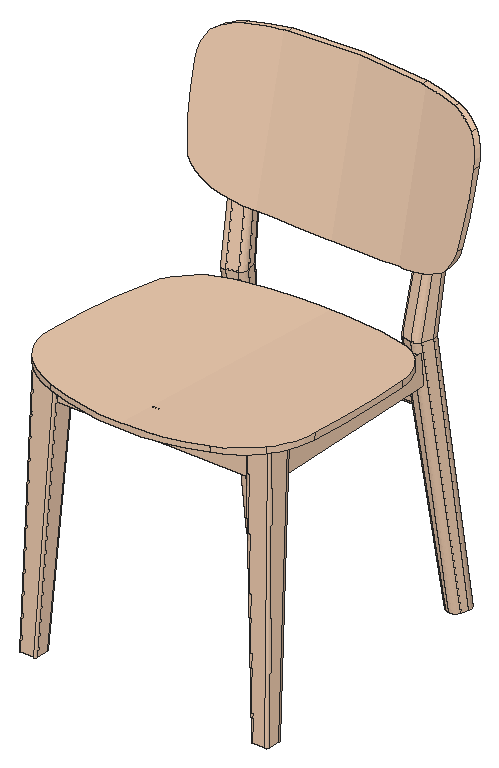
Revit family "FU_Chair_Sandler_Celina 1-12", category Furniture, Revit 2020
Family settings
  OmniClass Number = 23.40.20.00
  OmniClass Title = General Furniture and Specialties
  Work Plane-Based = No
  Always vertical = Yes
  Cut with Voids When Loaded = No
  Shared = No
  Room Calculation Point = No
Parameters (values of type "Celina 1.12")
  Width = 500 mm
  URL = "https://www.sandlerseating.com/product/celina-1-12/"
  Model = "Celina 1.12"
  Manufacturer = "Sandler"
  Height = 820 mm
  Frame = Wood - Beech - Walnut - V
  Description = "Side chair with wooden seat and back in solid beech."
  Depth = 550 mm
  Default Elevation = 0 mm
Reference planes
  plane 1 "Center (Front/Back)": y = 0
  plane 2: z = 0
  plane 3 "Center (Left/Right)": x = 0
  plane 4 "Right": x = -250
  plane 5 "Left": x = 250
  plane 6 "Back": y = 275
  plane 7 "Front": y = -275
  plane 8 "Height": z = 820
  plane 9 "Seat height": z = 460
  plane 10 "Right Arm": x = -325
  plane 11 "Left Arm": x = 325
  plane 12 "FL C FRONT": through (206.59, -1524, 5.36) normal (-0.9994, 0, -0.0359)
  plane 13 "BL C Front": through (-178.282, -1524, 5.132) normal (-0.9999, 0, 0.0103)
  plane 14 "FL C RIGHT": through (4267.2, -211.114, 5.562) normal (0, -0.9986, 0.0521)
  plane 15: through (4267.2, 255.502, 4.2) normal (0, -0.9887, -0.1501)
  plane 16: through (4267.2, 190.415, 493.994) normal (0, -0.984, 0.1783)
Forms (mm)
  Sweep 1, solid, material "Wood - Beech - Walnut - V" <- "Frame"
    path origin (0.119, 29.292, 439.708) x (0, 0.99863, -0.052336) y (1, 0, 0)
      loop
        line (-311.844, 0) -> (171.86, 0)
    profile "Pro_celina_Seat : Pro_celina_Seat" origin (0.119, -40.604, 443.371) x (1, 0, 0) y (0, -0.052336, -0.99863)
      loop
        arc (237.5, -12.54) -> (0, 0) -> (-237.5, -12.54) r 2255.339
        line (-237.5, -12.54) -> (-237.5, -22.54)
        arc (-237.5, -22.54) -> (0, -10) -> (237.5, -22.54) r 2255.339
        line (237.5, -22.54) -> (237.5, -12.54)
  Extrusion 2, void
    sketch origin (0.119, -20.296, 502.02) x (-1, 0, 0) y (0, -1, 0)
      loop
        line (248.521, -230.925) -> (248.521, 269.075) -> (-251.479, 269.075) -> (-251.479, -230.925) -> (248.521, -230.925)
      loop
        arc (141.879, 235.713) -> (0.119, 256.987) -> (-141.64, 235.713) r 482.927
        arc (-141.64, 235.713) -> (-177.703, 219.068) -> (-208.046, 193.437) r 148.11
        arc (-208.046, 193.437) -> (-229.338, 158.084) -> (-235.769, 117.318) r 107.689
        arc (-235.769, 117.318) -> (-233.624, 13.584) -> (-224.626, -89.781) r 1568.852
        arc (-224.626, -89.781) -> (-196.277, -154.472) -> (-136.874, -192.68) r 122.229
        arc (-136.874, -192.68) -> (0.119, -211.879) -> (137.113, -192.68) r 498.358
        arc (137.113, -192.68) -> (196.516, -154.472) -> (224.865, -89.781) r 122.229
        arc (224.865, -89.781) -> (233.862, 13.584) -> (236.008, 117.318) r 1568.852
        arc (236.008, 117.318) -> (229.577, 158.084) -> (208.285, 193.437) r 107.689
        arc (208.285, 193.437) -> (177.942, 219.068) -> (141.879, 235.713) r 148.11
    from -18.812 to -76.796
  Sweep 3, solid, material "Wood - Beech - Walnut - V" <- "Frame"
    path origin (0.119, 37.154, -270.249) x (0, 1, 0) y (0, 0, 1)
      loop
        line (154.569, 770) -> (234.758, 1108.042)
    profile "Pro_celina_Back : Pro_celina_Back" origin (0.119, 231.818, 668.772) x (0, -0.972998, 0.230812) y (1, 0, 0)
      loop
        arc (50.165, -250) -> (10, 0) -> (50.165, 250) r 798.119
        line (50.165, 250) -> (40.165, 250)
        arc (40.165, 250) -> (0, 0) -> (40.165, -250) r 798.125
        line (40.165, -250) -> (50.165, -250)
  Extrusion 4, void
    sketch origin (0.119, 39.342, -270.874) x (1, 0, 0) y (0, 0, 1)
      loop
        line (119.761, 1090) -> (-121.25, 1090)
        arc (-121.25, 1090) -> (-154.552, 1088.857) -> (-187.721, 1085.67) r 541.973
        arc (-187.721, 1085.67) -> (-211.489, 1079.491) -> (-232.923, 1067.503) r 96.341
        arc (-232.923, 1067.503) -> (-245.694, 1045.257) -> (-249.494, 1019.89) r 69.271
        arc (-249.494, 1019.89) -> (-247.861, 958.646) -> (-241.122, 897.751) r 733.414
        arc (-241.122, 897.751) -> (-232.137, 873.763) -> (-214.284, 855.393) r 62.504
        arc (-214.284, 855.393) -> (-182.775, 839.296) -> (-148.432, 830.784) r 154.624
        arc (-148.432, 830.784) -> (-5.305, 821.343) -> (137.883, 829.803) r 1149.301
        arc (137.883, 829.803) -> (177.655, 837.565) -> (214.045, 855.393) r 154.624
        arc (214.045, 855.393) -> (231.898, 873.763) -> (240.883, 897.751) r 62.504
        arc (240.883, 897.751) -> (247.622, 958.646) -> (249.256, 1019.89) r 733.414
        arc (249.256, 1019.89) -> (245.455, 1045.257) -> (232.684, 1067.503) r 69.271
        arc (232.684, 1067.503) -> (211.25, 1079.491) -> (187.482, 1085.67) r 96.341
        arc (187.482, 1085.67) -> (153.689, 1088.897) -> (119.761, 1090) r 541.59
      loop
        line (-260, 1133.116) -> (-260, 753.116) -> (260, 753.116) -> (260, 1133.116) -> (-260, 1133.116)
    from -246.089 to -88.141
  SweptBlend 5, solid, material "Wood - Beech - Walnut - V" <- "Frame"
    path origin (206.516, 0, 7.419) x (0.035902, 0, -0.999355) y (0, -1, 0)
      loop
        line (15.798, 211.845) -> (-453.563, 187.36)
    profile origin (207.083, -211.845, -8.369) x (0.00187, 0.998642, -0.052062) y (-0.999355, 0, -0.035902)
      loop
        arc (-14.979, -11.006) -> (-13.796, -13.848) -> (-10.949, -15.021) r 4.023
        line (-10.949, -15.021) -> (11.028, -14.979)
        arc (11.028, -14.979) -> (13.854, -13.803) -> (15.021, -10.972) r 4
        line (15.021, -10.972) -> (14.979, 11.028)
        arc (14.979, 11.028) -> (13.803, 13.854) -> (10.972, 15.021) r 4
        line (10.972, 15.021) -> (-11.028, 14.979)
        arc (-11.028, 14.979) -> (-13.854, 13.803) -> (-15.021, 10.972) r 4
        line (-15.021, 10.972) -> (-14.979, -11.006)
    end profile origin (190.232, -187.36, 460.69) x (0.00187, 0.998642, -0.052062) y (-0.999355, 0, -0.035902)
      loop
        arc (-21.966, -18.041) -> (-20.789, -20.867) -> (-17.959, -22.034) r 4
        line (-17.959, -22.034) -> (18.041, -21.966)
        arc (18.041, -21.966) -> (20.867, -20.789) -> (22.034, -17.959) r 4
        line (22.034, -17.959) -> (21.966, 18.041)
        arc (21.966, 18.041) -> (20.789, 20.867) -> (17.959, 22.034) r 4
        line (17.959, 22.034) -> (-18.041, 21.966)
        arc (-18.041, 21.966) -> (-20.867, 20.789) -> (-22.034, 17.959) r 4
        line (-22.034, 17.959) -> (-21.966, -18.041)
  SweptBlend 6, solid, material "Wood - Beech - Walnut - V" <- "Frame"
    path origin (-178.316, 0, 1.838) x (-0.010308, 0, -0.999947) y (0, -1, 0)
      loop
        line (10.63, -257.754) -> (-463.93, -185.692)
    profile origin (-178.425, 257.754, -8.791) x (0.001548, 0.988666, 0.150121) y (-0.999947, 0, 0.010308)
      loop
        line (16.945, 1.2) -> (15.071, 7.954)
        arc (15.071, 7.954) -> (9.652, 14.89) -> (0.916, 15.962) r 11.5
        line (0.916, 15.962) -> (-12.575, 12.22)
        arc (-12.575, 12.22) -> (-19.51, 6.801) -> (-20.583, -1.935) r 11.5
        line (-20.583, -1.935) -> (-18.712, -8.681)
        arc (-18.712, -8.681) -> (-13.292, -15.616) -> (-4.556, -16.688) r 11.5
        line (-4.556, -16.688) -> (8.943, -12.944)
        arc (8.943, -12.944) -> (15.873, -7.529) -> (16.945, 1.2) r 11.49
    end profile origin (-173.534, 185.692, 465.743) x (0.001548, 0.988666, 0.150121) y (-0.999947, 0, 0.010308)
      loop
        line (5.481, 10.089) -> (-14.232, 4.749)
        arc (-14.232, 4.749) -> (-20.595, -0.161) -> (-21.622, -8.131) r 10.5
        line (-21.622, -8.131) -> (-16.447, -27.235)
        arc (-16.447, -27.235) -> (-11.538, -33.597) -> (-3.567, -34.624) r 10.5
        line (-3.567, -34.624) -> (16.146, -29.284)
        arc (16.146, -29.284) -> (22.508, -24.375) -> (23.535, -16.404) r 10.5
        line (23.535, -16.404) -> (18.361, 2.699)
        arc (18.361, 2.699) -> (13.451, 9.061) -> (5.481, 10.089) r 10.5
  SweptBlend 7, solid, material "Wood - Beech - Walnut - V" <- "Frame"
    path origin (-178.316, 0, 1.838) x (-0.010308, 0, -0.999947) y (0, -1, 0)
      loop
        line (-447.138, -184.221) -> (-698.053, -229.684)
    profile origin (-173.707, 184.221, 448.952) x (-0.001838, 0.983979, -0.178274) y (-0.999947, 0, 0.010308)
      loop
        line (6.359, 10.097) -> (-14.247, 4.59)
        arc (-14.247, 4.59) -> (-20.626, -0.298) -> (-21.68, -8.265) r 10.5
        line (-21.68, -8.265) -> (-16.57, -27.386)
        arc (-16.57, -27.386) -> (-11.682, -33.765) -> (-3.715, -34.819) r 10.5
        line (-3.715, -34.819) -> (16.891, -29.312)
        arc (16.891, -29.312) -> (23.269, -24.424) -> (24.324, -16.457) r 10.5
        line (24.324, -16.457) -> (19.214, 2.664)
        arc (19.214, 2.664) -> (14.326, 9.042) -> (6.359, 10.097) r 10.5
    end profile origin (-171.12, 229.684, 699.854) x (-0.001838, 0.983979, -0.178274) y (-0.999947, 0, 0.010308)
      loop
        arc (10.888, 12.173) -> (6.714, 17.652) -> (-0.112, 18.575) r 9
        line (-0.112, 18.575) -> (-10.954, 15.71)
        arc (-10.954, 15.71) -> (-16.436, 11.534) -> (-17.36, 4.704) r 9.005
        line (-17.36, 4.704) -> (-12.919, -12.102)
        arc (-12.919, -12.102) -> (-8.745, -17.581) -> (-1.919, -18.504) r 9
        line (-1.919, -18.504) -> (8.928, -15.638)
        arc (8.928, -15.638) -> (14.407, -11.464) -> (15.33, -4.638) r 9
        line (15.33, -4.638) -> (10.888, 12.173)
  Extrusion 8, void
    sketch origin (-178.316, 0, 1.838) x (-0.010308, 0, -0.999947) y (0, -1, 0)
      loop
        line (-458.111, -152.645) -> (-458.111, -224.882) -> (-439.168, -224.882) -> (-439.168, -152.645) -> (-458.111, -152.645)
    from -48.983 to 26.092
  Extrusion 9, void
    sketch origin (-178.316, 0, 1.838) x (-0.010308, 0, -0.999947) y (0, -1, 0)
      loop
        line (-458.228, -152.645) -> (-470.347, -152.645) -> (-470.347, -224.294) -> (-458.228, -224.294) -> (-458.228, -152.645)
    from -48.983 to 26.092
  SweptBlend 10, solid, material "Wood - Beech - Walnut - V" <- "Frame"
    path origin (178.316, 0, 1.838) x (0.010308, 0, -0.999947) y (0, 1, 0)
      loop
        line (10.63, 257.754) -> (-463.93, 185.692)
    profile origin (178.425, 257.754, -8.791) x (0.001548, -0.988666, -0.150121) y (0.999947, 0, 0.010308)
      loop
        arc (-16.945, 1.2) -> (-15.873, -7.529) -> (-8.943, -12.944) r 11.49
        line (-8.943, -12.944) -> (4.556, -16.688)
        arc (4.556, -16.688) -> (13.292, -15.616) -> (18.712, -8.681) r 11.5
        line (18.712, -8.681) -> (20.583, -1.935)
        arc (20.583, -1.935) -> (19.51, 6.801) -> (12.575, 12.22) r 11.5
        line (12.575, 12.22) -> (-0.916, 15.962)
        arc (-0.916, 15.962) -> (-9.652, 14.89) -> (-15.071, 7.954) r 11.5
        line (-15.071, 7.954) -> (-16.945, 1.2)
    end profile origin (173.534, 185.692, 465.743) x (0.001548, -0.988666, -0.150121) y (0.999947, 0, 0.010308)
      loop
        arc (-5.481, 10.089) -> (-13.451, 9.061) -> (-18.361, 2.699) r 10.5
        line (-18.361, 2.699) -> (-23.535, -16.404)
        arc (-23.535, -16.404) -> (-22.508, -24.375) -> (-16.146, -29.284) r 10.5
        line (-16.146, -29.284) -> (3.567, -34.624)
        arc (3.567, -34.624) -> (11.538, -33.597) -> (16.447, -27.235) r 10.5
        line (16.447, -27.235) -> (21.622, -8.131)
        arc (21.622, -8.131) -> (20.595, -0.161) -> (14.232, 4.749) r 10.5
        line (14.232, 4.749) -> (-5.481, 10.089)
  SweptBlend 11, solid, material "Wood - Beech - Walnut - V" <- "Frame"
    path origin (178.316, 0, 1.838) x (0.010308, 0, -0.999947) y (0, 1, 0)
      loop
        line (-447.138, 184.221) -> (-698.053, 229.684)
    profile origin (173.707, 184.221, 448.952) x (-0.001838, -0.983979, 0.178274) y (0.999947, 0, 0.010308)
      loop
        arc (-6.359, 10.097) -> (-14.326, 9.042) -> (-19.214, 2.664) r 10.5
        line (-19.214, 2.664) -> (-24.324, -16.457)
        arc (-24.324, -16.457) -> (-23.269, -24.424) -> (-16.891, -29.312) r 10.5
        line (-16.891, -29.312) -> (3.715, -34.819)
        arc (3.715, -34.819) -> (11.682, -33.765) -> (16.57, -27.386) r 10.5
        line (16.57, -27.386) -> (21.68, -8.265)
        arc (21.68, -8.265) -> (20.626, -0.298) -> (14.247, 4.59) r 10.5
        line (14.247, 4.59) -> (-6.359, 10.097)
    end profile origin (171.12, 229.684, 699.854) x (-0.001838, -0.983979, 0.178274) y (0.999947, 0, 0.010308)
      loop
        line (-10.888, 12.173) -> (-15.33, -4.638)
        arc (-15.33, -4.638) -> (-14.407, -11.464) -> (-8.928, -15.638) r 9
        line (-8.928, -15.638) -> (1.919, -18.504)
        arc (1.919, -18.504) -> (8.745, -17.581) -> (12.919, -12.102) r 9
        line (12.919, -12.102) -> (17.36, 4.704)
        arc (17.36, 4.704) -> (16.436, 11.534) -> (10.954, 15.71) r 9.005
        line (10.954, 15.71) -> (0.112, 18.575)
        arc (0.112, 18.575) -> (-6.714, 17.652) -> (-10.888, 12.173) r 9
  Extrusion 12, void
    sketch origin (178.316, 0, 1.838) x (0.010308, 0, -0.999947) y (0, 1, 0)
      loop
        line (-458.111, 152.645) -> (-439.168, 152.645) -> (-439.168, 224.882) -> (-458.111, 224.882) -> (-458.111, 152.645)
    from -48.983 to 26.092
  Extrusion 13, void
    sketch origin (178.316, 0, 1.838) x (0.010308, 0, -0.999947) y (0, 1, 0)
      loop
        line (-458.228, 152.645) -> (-458.228, 224.294) -> (-470.347, 224.294) -> (-470.347, 152.645) -> (-458.228, 152.645)
    from -48.983 to 26.092
  SweptBlend 14, solid, material "Wood - Beech - Walnut - V" <- "Frame"
    path origin (-206.516, 0, 7.419) x (-0.035902, 0, -0.999355) y (0, 1, 0)
      loop
        line (15.798, -211.845) -> (-453.563, -187.36)
    profile origin (-207.083, -211.845, -8.369) x (0.00187, -0.998642, 0.052062) y (0.999355, 0, -0.035902)
      loop
        line (14.979, -11.006) -> (15.021, 10.972)
        arc (15.021, 10.972) -> (13.854, 13.803) -> (11.028, 14.979) r 4
        line (11.028, 14.979) -> (-10.972, 15.021)
        arc (-10.972, 15.021) -> (-13.803, 13.854) -> (-14.979, 11.028) r 4
        line (-14.979, 11.028) -> (-15.021, -10.972)
        arc (-15.021, -10.972) -> (-13.854, -13.803) -> (-11.028, -14.979) r 4
        line (-11.028, -14.979) -> (10.949, -15.021)
        arc (10.949, -15.021) -> (13.796, -13.848) -> (14.979, -11.006) r 4.023
    end profile origin (-190.232, -187.36, 460.69) x (0.00187, -0.998642, 0.052062) y (0.999355, 0, -0.035902)
      loop
        line (21.966, -18.041) -> (22.034, 17.959)
        arc (22.034, 17.959) -> (20.867, 20.789) -> (18.041, 21.966) r 4
        line (18.041, 21.966) -> (-17.959, 22.034)
        arc (-17.959, 22.034) -> (-20.789, 20.867) -> (-21.966, 18.041) r 4
        line (-21.966, 18.041) -> (-22.034, -17.959)
        arc (-22.034, -17.959) -> (-20.867, -20.789) -> (-18.041, -21.966) r 4
        line (-18.041, -21.966) -> (17.959, -22.034)
        arc (17.959, -22.034) -> (20.789, -20.867) -> (21.966, -18.041) r 4
  Extrusion 15, solid, material "Wood - Beech - Walnut - V" <- "Frame"
    sketch origin (0, 0, 460) x (-1, 0, 0) y (0, -1, 0)
      loop
        line (175.074, 174.445) -> (175.074, 205.637) -> (-174.926, 205.637) -> (-174.926, 174.445) -> (175.074, 174.445)
      loop
        line (207.36, 174.272) -> (178.067, 176.828) -> (146.379, -186.366) -> (176.28, -181.947) -> (207.36, 174.272)
      loop
        line (-207.36, 174.272) -> (-176.28, -181.947) -> (-146.379, -186.366) -> (-178.067, 176.828) -> (-207.36, 174.272)
    from 0 to -78.018
  Sweep 16, void
    path origin (0.119, 30.664, 441.798) x (0, 0.99863, -0.052336) y (1, 0, 0)
      loop
        line (-311.844, 0) -> (193.156, 0)
    profile "Pro_celina_Seat-cut : Pro_celina_Seat-cut" origin (0.119, -28.599, 444.904) x (1, 0, 0) y (0, -0.052336, -0.99863)
      loop
        arc (237.5, -12.54) -> (0, 0) -> (-237.5, -12.54) r 2255.339
        line (-237.5, -12.54) -> (-237.5, -65.04)
        arc (-237.5, -65.04) -> (0, -52.5) -> (237.5, -65.04) r 2255.339
        line (237.5, -65.04) -> (237.5, -12.54)
  Extrusion 17, void
    sketch origin (0, 0, 0) x (0, 1, 0) y (0, 0, 1)
      loop
        line (-229.224, 409.273) -> (-229.224, 334.273) -> (230.12, 334.273) -> (230.12, 384.715) -> (-229.224, 409.273)
    from -250 to 250
  Extrusion 18, solid, material "Wood - Beech - Walnut - V" <- "Frame"
    sketch origin (0, 0, 0) x (0, 1, 0) y (0, 0, 1)
      loop
        arc (213.056, 367.317) -> (210.682, 371.248) -> (206.223, 372.348) r 6
        line (206.223, 372.348) -> (198.535, 371.181)
        arc (198.535, 371.181) -> (194.604, 368.806) -> (193.503, 364.348) r 6
        line (193.503, 364.348) -> (197.257, 339.631)
        arc (197.257, 339.631) -> (199.631, 335.701) -> (204.09, 334.6) r 6
        line (204.09, 334.6) -> (211.778, 335.768)
        arc (211.778, 335.768) -> (215.709, 338.142) -> (216.81, 342.601) r 6
        line (216.81, 342.601) -> (213.056, 367.317)
    from -168 to 168
  Extrusion 19, void
    sketch origin (0, 0, 0) x (0, 1, 0) y (0, 0, 1)
      loop
        line (-275, 0) -> (-275, -32.791) -> (280, -32.791) -> (280, 0) -> (-275, 0)
    from -250 to 250
Cuts and joins
  Extrusion 2 cuts Sweep 1
  Extrusion 4 cuts Sweep 3
  Extrusion 8 cuts SweptBlend 7
  Extrusion 9, Extrusion 19 cuts SweptBlend 6
  Extrusion 12 cuts SweptBlend 11
  Extrusion 13, Extrusion 19 cuts SweptBlend 10
  Sweep 16, Extrusion 17 cuts Extrusion 15
  Extrusion 19 cuts SweptBlend 14
  Extrusion 19 cuts SweptBlend 5
Dimensions and locks
  equal spacing: plane 4 "Right", plane 3 "Center (Left/Right)", plane 5 "Left"
  "Width": plane 4 "Right" to plane 5 "Left"
  equal spacing: plane 6 "Back", plane 1 "Center (Front/Back)", plane 7 "Front"
  "Depth": plane 6 "Back" to plane 7 "Front"
  "Height": plane 8 "Height" to level
  plane 9 "Seat height" to level = 460 mm
  equal spacing: plane 10 "Right Arm", plane 3 "Center (Left/Right)", plane 11 "Left Arm"
  plane 10 "Right Arm" to plane 11 "Left Arm" = 650 mm
  aligned and locked: level to plane 2
Automatic sketch dimensions
  plane 3 "Center (Left/Right)" to Sweep 1 sketch curve = 0.119 mm
  Sweep 1 sketch curve to Sweep 1 sketch curve = 483.704 mm
  Extrusion 2 sketch curve to plane 3 "Center (Left/Right)" = 0 mm  (x2)
  plane 3 "Center (Left/Right)" to Extrusion 2 sketch curve = 98.283 mm
  Extrusion 2 sketch curve to plane 1 "Center (Front/Back)" = 54.865 mm  (x2)
  plane 3 "Center (Left/Right)" to Extrusion 2 sketch curve = 103.394 mm
  Extrusion 2 sketch curve to Extrusion 2 sketch curve = 29.988 mm  (x2)
  Extrusion 2 sketch curve to plane 5 "Left" = 1.598 mm
  plane 1 "Center (Front/Back)" to Extrusion 2 sketch curve = 118.175 mm  (x2)
  Extrusion 2 sketch curve to plane 11 "Left Arm" = 1007.843 mm
  Extrusion 2 sketch curve to plane 3 "Center (Left/Right)" = 98.283 mm
  Extrusion 2 sketch curve to plane 3 "Center (Left/Right)" = 103.394 mm
  Extrusion 2 sketch curve to plane 4 "Right" = 1.598 mm
  plane 10 "Right Arm" to Extrusion 2 sketch curve = 1007.843 mm
  Extrusion 2 sketch curve to plane 6 "Back" = 69.356 mm
  Extrusion 2 sketch curve to plane 6 "Back" = 64.371 mm
  plane 1 "Center (Front/Back)" to Extrusion 2 sketch curve = 114.424 mm  (x2)
  Extrusion 2 sketch curve to Extrusion 2 sketch curve = 27.102 mm  (x2)
  Extrusion 2 sketch curve to plane 7 "Front" = 14.371 mm
  Extrusion 2 sketch curve to plane 7 "Front" = 31.774 mm
  Extrusion 2 sketch curve to plane 6 "Back" = 102.616 mm
  Extrusion 2 sketch curve to Extrusion 2 sketch curve = 0 mm  (x8)
  plane 7 "Front" to Extrusion 2 sketch curve = 18.991 mm
  plane 9 "Seat height" to Sweep 3 sketch curve = 39.751 mm
  Sweep 3 sketch curve to plane 6 "Back" = 83.277 mm
  Sweep 3 sketch curve to plane 6 "Back" = 3.087 mm
  plane 8 "Height" to Sweep 3 sketch curve = 17.793 mm
  plane 10 "Right Arm" to Extrusion 4 sketch curve = 158.955 mm
  plane 4 "Right" to Extrusion 4 sketch curve = 9.881 mm
  Extrusion 4 sketch curve to plane 4 "Right" = 69.848 mm
  Extrusion 4 sketch curve to plane 4 "Right" = 70.781 mm
  Extrusion 4 sketch curve to Extrusion 4 sketch curve = 4.71 mm  (x2)
  Extrusion 4 sketch curve to Extrusion 4 sketch curve = 46.915 mm  (x2)
  Extrusion 4 sketch curve to plane 8 "Height" = 0.874 mm
  Extrusion 4 sketch curve to Extrusion 4 sketch curve = 59.022 mm
  Extrusion 4 sketch curve to plane 3 "Center (Left/Right)" = 119.201 mm
  Extrusion 4 sketch curve to plane 3 "Center (Left/Right)" = 1.25 mm
  plane 3 "Center (Left/Right)" to Extrusion 4 sketch curve = 119.25 mm
  plane 3 "Center (Left/Right)" to Extrusion 4 sketch curve = 119.881 mm
  Extrusion 4 sketch curve to Extrusion 4 sketch curve = 8.647 mm
  plane 5 "Left" to Extrusion 4 sketch curve = 70.781 mm
  Extrusion 4 sketch curve to plane 5 "Left" = 10.119 mm
  Extrusion 4 sketch curve to plane 8 "Height" = 82.07 mm  (x2)
  Extrusion 4 sketch curve to plane 11 "Left Arm" = 158.955 mm
  Extrusion 4 sketch curve to plane 8 "Height" = 100.775 mm  (x2)
  Extrusion 4 sketch curve to Extrusion 4 sketch curve = 5.963 mm  (x2)
  Extrusion 4 sketch curve to Extrusion 4 sketch curve = 82.884 mm  (x2)
  plane 9 "Seat height" to Extrusion 4 sketch curve = 22.242 mm
  Extrusion 4 sketch curve to plane 9 "Seat height" = 182.463 mm
  Extrusion 4 sketch curve to plane 9 "Seat height" = 182.844 mm
  Extrusion 4 sketch curve to Extrusion 4 sketch curve = 32.388 mm  (x2)
  plane 8 "Height" to Extrusion 4 sketch curve = 42.242 mm
  Extrusion 4 sketch curve to Extrusion 4 sketch curve = 837.521 mm
  Extrusion 4 sketch curve to plane 4 "Right" = 0.625 mm
  Extrusion 4 sketch curve to plane 4 "Right" = 8.998 mm
  Extrusion 4 sketch curve to Extrusion 4 sketch curve = 0 mm  (x4)
  Extrusion 4 sketch curve to plane 4 "Right" = 17.196 mm
  Extrusion 4 sketch curve to plane 4 "Right" = 35.836 mm
  Extrusion 4 sketch curve to Extrusion 4 sketch curve = 41.216 mm
  plane 5 "Left" to Extrusion 4 sketch curve = 35.836 mm
  plane 5 "Left" to Extrusion 4 sketch curve = 17.196 mm
  plane 7 "Front" to SweptBlend 5 sketch curve = 87.64 mm
  plane 7 "Front" to SweptBlend 5 sketch curve = 63.155 mm
  SweptBlend 5 sketch curve to SweptBlend 5 sketch curve = 469.362 mm
  profile plane to SweptBlend 5 sketch curve = 15.021 mm
  profile plane to SweptBlend 5 sketch curve = 14.979 mm
  SweptBlend 5 sketch curve to SweptBlend 5 sketch curve = 3.993 mm  (x3)
  SweptBlend 5 sketch curve to SweptBlend 5 sketch curve = 4 mm  (x9)
  SweptBlend 5 sketch curve to SweptBlend 5 sketch curve = 4.023 mm
  SweptBlend 5 sketch curve to SweptBlend 5 sketch curve = 0.008 mm
  SweptBlend 5 sketch curve to profile plane = 10.972 mm
  SweptBlend 5 sketch curve to SweptBlend 5 sketch curve = 0.007 mm  (x9)
  SweptBlend 5 sketch curve to profile plane = 11.021 mm
  SweptBlend 5 sketch curve to plane 12 "FL C FRONT" = 15.021 mm
  SweptBlend 5 sketch curve to plane 12 "FL C FRONT" = 14.979 mm
  SweptBlend 5 sketch curve to SweptBlend 5 sketch curve = 4.015 mm
  plane 12 "FL C FRONT" to SweptBlend 5 sketch curve = 10.972 mm
  plane 12 "FL C FRONT" to SweptBlend 5 sketch curve = 11.021 mm
  profile plane to SweptBlend 5 sketch curve = 22.034 mm
  profile plane to SweptBlend 5 sketch curve = 21.966 mm
  SweptBlend 5 sketch curve to profile plane = 17.959 mm
  SweptBlend 5 sketch curve to profile plane = 18.034 mm
  SweptBlend 5 sketch curve to plane 12 "FL C FRONT" = 22.034 mm
  SweptBlend 5 sketch curve to plane 12 "FL C FRONT" = 21.966 mm
  plane 12 "FL C FRONT" to SweptBlend 5 sketch curve = 17.959 mm
  plane 12 "FL C FRONT" to SweptBlend 5 sketch curve = 18.034 mm
  SweptBlend 6 sketch curve to plane 6 "Back" = 89.308 mm
  SweptBlend 6 sketch curve to plane 6 "Back" = 17.246 mm
  SweptBlend 6 sketch curve to SweptBlend 6 sketch curve = 474.56 mm
  SweptBlend 6 sketch curve to plane 13 "BL C Front" = 1.935 mm
  profile plane to SweptBlend 6 sketch curve = 20.583 mm
  SweptBlend 6 sketch curve to plane 13 "BL C Front" = 8.681 mm
  SweptBlend 6 sketch curve to SweptBlend 6 sketch curve = 1.871 mm  (x2)
  profile plane to SweptBlend 6 sketch curve = 12.575 mm
  plane 13 "BL C Front" to SweptBlend 6 sketch curve = 1.138 mm
  profile plane to SweptBlend 6 sketch curve = 9.501 mm
  profile plane to SweptBlend 6 sketch curve = 4.556 mm
  SweptBlend 6 sketch curve to profile plane = 0.916 mm
  SweptBlend 6 sketch curve to profile plane = 3.99 mm
  SweptBlend 6 sketch curve to plane 13 "BL C Front" = 1.872 mm
  SweptBlend 6 sketch curve to profile plane = 5.872 mm
  SweptBlend 6 sketch curve to profile plane = 8.943 mm
  plane 13 "BL C Front" to SweptBlend 6 sketch curve = 7.954 mm
  SweptBlend 6 sketch curve to SweptBlend 6 sketch curve = 11.082 mm
  plane 13 "BL C Front" to SweptBlend 6 sketch curve = 1.2 mm
  SweptBlend 6 sketch curve to SweptBlend 6 sketch curve = 1.874 mm
  SweptBlend 6 sketch curve to SweptBlend 6 sketch curve = 3.745 mm
  plane 13 "BL C Front" to SweptBlend 6 sketch curve = 4.88 mm
  SweptBlend 6 sketch curve to plane 13 "BL C Front" = 8.131 mm
  profile plane to SweptBlend 6 sketch curve = 21.622 mm
  profile plane to SweptBlend 6 sketch curve = 16.447 mm
  plane 13 "BL C Front" to SweptBlend 6 sketch curve = 4.749 mm
  profile plane to SweptBlend 6 sketch curve = 14.232 mm
  SweptBlend 6 sketch curve to plane 13 "BL C Front" = 5.386 mm
  profile plane to SweptBlend 6 sketch curve = 6.313 mm
  profile plane to SweptBlend 6 sketch curve = 3.567 mm
  SweptBlend 6 sketch curve to profile plane = 5.481 mm
  SweptBlend 6 sketch curve to plane 13 "BL C Front" = 0.046 mm
  SweptBlend 6 sketch curve to profile plane = 8.226 mm
  SweptBlend 6 sketch curve to profile plane = 13.4 mm
  SweptBlend 6 sketch curve to SweptBlend 6 sketch curve = 2.745 mm  (x3)
  plane 13 "BL C Front" to SweptBlend 6 sketch curve = 2.699 mm
  SweptBlend 6 sketch curve to SweptBlend 6 sketch curve = 10.135 mm  (x2)
  SweptBlend 6 sketch curve to plane 13 "BL C Front" = 16.404 mm
  SweptBlend 6 sketch curve to SweptBlend 6 sketch curve = 19.103 mm
  SweptBlend 7 sketch curve to plane 6 "Back" = 45.316 mm
  SweptBlend 7 sketch curve to plane 6 "Back" = 90.779 mm
  SweptBlend 7 sketch curve to SweptBlend 7 sketch curve = 250.915 mm
  plane 13 "BL C Front" to SweptBlend 7 sketch curve = 4.704 mm
  profile plane to SweptBlend 7 sketch curve = 17.36 mm
  profile plane to SweptBlend 7 sketch curve = 12.919 mm
  profile plane to SweptBlend 7 sketch curve = 10.954 mm
  profile plane to SweptBlend 7 sketch curve = 8.654 mm
  profile plane to SweptBlend 7 sketch curve = 4.218 mm
  profile plane to SweptBlend 7 sketch curve = 1.919 mm
  profile plane to SweptBlend 7 sketch curve = 0.112 mm
  SweptBlend 7 sketch curve to profile plane = 2.187 mm
  SweptBlend 7 sketch curve to profile plane = 6.628 mm
  SweptBlend 7 sketch curve to profile plane = 8.928 mm
  SweptBlend 7 sketch curve to SweptBlend 7 sketch curve = 8.701 mm  (x2)
  SweptBlend 7 sketch curve to plane 13 "BL C Front" = 4.638 mm
  SweptBlend 7 sketch curve to plane 13 "BL C Front" = 6.937 mm
  SweptBlend 7 sketch curve to plane 13 "BL C Front" = 9.803 mm
  SweptBlend 7 sketch curve to SweptBlend 7 sketch curve = 2.299 mm  (x2)
  plane 13 "BL C Front" to SweptBlend 7 sketch curve = 7.004 mm
  plane 13 "BL C Front" to SweptBlend 7 sketch curve = 9.873 mm
  SweptBlend 7 sketch curve to plane 13 "BL C Front" = 8.265 mm
  profile plane to SweptBlend 7 sketch curve = 21.68 mm
  profile plane to SweptBlend 7 sketch curve = 16.57 mm
  plane 13 "BL C Front" to SweptBlend 7 sketch curve = 4.59 mm
  profile plane to SweptBlend 7 sketch curve = 14.247 mm
  SweptBlend 7 sketch curve to plane 13 "BL C Front" = 5.554 mm
  profile plane to SweptBlend 7 sketch curve = 6.426 mm
  profile plane to SweptBlend 7 sketch curve = 3.715 mm
  SweptBlend 7 sketch curve to profile plane = 6.359 mm
  SweptBlend 7 sketch curve to plane 13 "BL C Front" = 0.047 mm
  SweptBlend 7 sketch curve to profile plane = 9.07 mm
  SweptBlend 7 sketch curve to profile plane = 14.18 mm
  SweptBlend 7 sketch curve to SweptBlend 7 sketch curve = 2.711 mm  (x3)
  plane 13 "BL C Front" to SweptBlend 7 sketch curve = 2.664 mm
  SweptBlend 7 sketch curve to SweptBlend 7 sketch curve = 10.144 mm  (x2)
  SweptBlend 7 sketch curve to plane 13 "BL C Front" = 16.457 mm
  SweptBlend 7 sketch curve to SweptBlend 7 sketch curve = 19.121 mm
  Extrusion 8 sketch curve to plane 6 "Back" = 50.118 mm
  Extrusion 8 sketch curve to Extrusion 8 sketch curve = 18.943 mm
  Extrusion 8 sketch curve to Extrusion 8 sketch curve = 72.237 mm
  Extrusion 9 sketch curve to plane 6 "Back" = 122.355 mm
  Extrusion 9 sketch curve to Extrusion 9 sketch curve = 12.119 mm
  Extrusion 9 sketch curve to plane 6 "Back" = 50.706 mm
  SweptBlend 10 sketch curve to plane 6 "Back" = 89.308 mm
  SweptBlend 10 sketch curve to plane 6 "Back" = 17.246 mm
  SweptBlend 10 sketch curve to SweptBlend 10 sketch curve = 474.56 mm
  profile plane to SweptBlend 10 sketch curve = 1.2 mm
  profile plane to SweptBlend 10 sketch curve = 16.945 mm
  SweptBlend 10 sketch curve to SweptBlend 10 sketch curve = 1.874 mm
  profile plane to SweptBlend 10 sketch curve = 8.943 mm
  SweptBlend 10 sketch curve to profile plane = 1.872 mm
  profile plane to SweptBlend 10 sketch curve = 5.872 mm
  profile plane to SweptBlend 10 sketch curve = 3.99 mm
  profile plane to SweptBlend 10 sketch curve = 0.916 mm
  SweptBlend 10 sketch curve to profile plane = 4.556 mm
  SweptBlend 10 sketch curve to profile plane = 7.63 mm
  profile plane to SweptBlend 10 sketch curve = 1.138 mm
  SweptBlend 10 sketch curve to SweptBlend 10 sketch curve = 1.871 mm  (x2)
  SweptBlend 10 sketch curve to SweptBlend 10 sketch curve = 3.074 mm
  SweptBlend 10 sketch curve to profile plane = 8.681 mm
  SweptBlend 10 sketch curve to SweptBlend 10 sketch curve = 11.082 mm
  SweptBlend 10 sketch curve to profile plane = 1.935 mm
  SweptBlend 10 sketch curve to SweptBlend 10 sketch curve = 3.745 mm
  profile plane to SweptBlend 10 sketch curve = 4.88 mm
  SweptBlend 10 sketch curve to SweptBlend 10 sketch curve = 6.754 mm
  profile plane to SweptBlend 10 sketch curve = 23.535 mm
  profile plane to SweptBlend 10 sketch curve = 2.699 mm
  profile plane to SweptBlend 10 sketch curve = 18.361 mm
  SweptBlend 10 sketch curve to SweptBlend 10 sketch curve = 7.389 mm
  SweptBlend 10 sketch curve to SweptBlend 10 sketch curve = 10.135 mm  (x2)
  SweptBlend 10 sketch curve to profile plane = 0.046 mm
  profile plane to SweptBlend 10 sketch curve = 8.226 mm
  profile plane to SweptBlend 10 sketch curve = 5.481 mm
  SweptBlend 10 sketch curve to profile plane = 3.567 mm
  SweptBlend 10 sketch curve to profile plane = 6.313 mm
  SweptBlend 10 sketch curve to profile plane = 5.386 mm
  SweptBlend 10 sketch curve to profile plane = 11.487 mm
  profile plane to SweptBlend 10 sketch curve = 4.749 mm
  SweptBlend 10 sketch curve to SweptBlend 10 sketch curve = 2.745 mm  (x3)
  SweptBlend 10 sketch curve to profile plane = 8.131 mm
  SweptBlend 10 sketch curve to profile plane = 16.404 mm
  SweptBlend 10 sketch curve to SweptBlend 10 sketch curve = 19.103 mm
  SweptBlend 11 sketch curve to plane 6 "Back" = 45.316 mm
  SweptBlend 11 sketch curve to plane 6 "Back" = 90.779 mm
  SweptBlend 11 sketch curve to SweptBlend 11 sketch curve = 250.915 mm
  SweptBlend 11 sketch curve to profile plane = 4.638 mm
  profile plane to SweptBlend 11 sketch curve = 15.33 mm
  profile plane to SweptBlend 11 sketch curve = 10.888 mm
  profile plane to SweptBlend 11 sketch curve = 8.928 mm
  profile plane to SweptBlend 11 sketch curve = 6.628 mm
  profile plane to SweptBlend 11 sketch curve = 2.187 mm
  SweptBlend 11 sketch curve to profile plane = 0.112 mm
  SweptBlend 11 sketch curve to profile plane = 1.919 mm
  SweptBlend 11 sketch curve to profile plane = 4.218 mm
  SweptBlend 11 sketch curve to profile plane = 8.654 mm
  SweptBlend 11 sketch curve to SweptBlend 11 sketch curve = 2.3 mm
  SweptBlend 11 sketch curve to SweptBlend 11 sketch curve = 8.701 mm
  profile plane to SweptBlend 11 sketch curve = 4.704 mm
  SweptBlend 11 sketch curve to SweptBlend 11 sketch curve = 8.706 mm
  SweptBlend 11 sketch curve to profile plane = 6.937 mm
  SweptBlend 11 sketch curve to profile plane = 9.803 mm
  SweptBlend 11 sketch curve to SweptBlend 11 sketch curve = 2.299 mm  (x2)
  profile plane to SweptBlend 11 sketch curve = 7.004 mm
  profile plane to SweptBlend 11 sketch curve = 9.873 mm
  profile plane to SweptBlend 11 sketch curve = 24.324 mm
  profile plane to SweptBlend 11 sketch curve = 2.664 mm
  profile plane to SweptBlend 11 sketch curve = 19.214 mm
  SweptBlend 11 sketch curve to SweptBlend 11 sketch curve = 7.433 mm
  SweptBlend 11 sketch curve to SweptBlend 11 sketch curve = 10.144 mm  (x2)
  SweptBlend 11 sketch curve to profile plane = 0.047 mm
  profile plane to SweptBlend 11 sketch curve = 9.07 mm
  profile plane to SweptBlend 11 sketch curve = 6.359 mm
  SweptBlend 11 sketch curve to profile plane = 3.715 mm
  SweptBlend 11 sketch curve to profile plane = 6.426 mm
  SweptBlend 11 sketch curve to profile plane = 5.554 mm
  SweptBlend 11 sketch curve to profile plane = 11.536 mm
  profile plane to SweptBlend 11 sketch curve = 4.59 mm
  SweptBlend 11 sketch curve to SweptBlend 11 sketch curve = 2.711 mm  (x3)
  SweptBlend 11 sketch curve to profile plane = 8.265 mm
  SweptBlend 11 sketch curve to profile plane = 16.457 mm
  SweptBlend 11 sketch curve to SweptBlend 11 sketch curve = 19.121 mm
  Extrusion 12 sketch curve to plane 6 "Back" = 50.118 mm
  Extrusion 12 sketch curve to Extrusion 12 sketch curve = 18.943 mm
  Extrusion 12 sketch curve to Extrusion 12 sketch curve = 72.237 mm
  Extrusion 13 sketch curve to plane 6 "Back" = 122.355 mm
  Extrusion 13 sketch curve to Extrusion 13 sketch curve = 12.119 mm
  Extrusion 13 sketch curve to plane 6 "Back" = 50.706 mm
  plane 7 "Front" to SweptBlend 14 sketch curve = 87.64 mm
  plane 7 "Front" to SweptBlend 14 sketch curve = 63.155 mm
  SweptBlend 14 sketch curve to SweptBlend 14 sketch curve = 469.362 mm
  profile plane to SweptBlend 14 sketch curve = 15.021 mm
  profile plane to SweptBlend 14 sketch curve = 14.979 mm
  SweptBlend 14 sketch curve to SweptBlend 14 sketch curve = 3.993 mm  (x3)
  SweptBlend 14 sketch curve to SweptBlend 14 sketch curve = 4 mm  (x9)
  SweptBlend 14 sketch curve to SweptBlend 14 sketch curve = 0.007 mm  (x9)
  SweptBlend 14 sketch curve to profile plane = 10.949 mm
  SweptBlend 14 sketch curve to SweptBlend 14 sketch curve = 0.008 mm
  SweptBlend 14 sketch curve to profile plane = 11.021 mm
  SweptBlend 14 sketch curve to SweptBlend 14 sketch curve = 4.023 mm
  SweptBlend 14 sketch curve to profile plane = 15.021 mm
  SweptBlend 14 sketch curve to profile plane = 14.979 mm
  SweptBlend 14 sketch curve to SweptBlend 14 sketch curve = 4.015 mm
  profile plane to SweptBlend 14 sketch curve = 10.972 mm
  profile plane to SweptBlend 14 sketch curve = 11.021 mm
  profile plane to SweptBlend 14 sketch curve = 22.034 mm
  profile plane to SweptBlend 14 sketch curve = 21.966 mm
  SweptBlend 14 sketch curve to profile plane = 17.959 mm
  SweptBlend 14 sketch curve to profile plane = 18.034 mm
  SweptBlend 14 sketch curve to profile plane = 22.034 mm
  SweptBlend 14 sketch curve to profile plane = 21.966 mm
  profile plane to SweptBlend 14 sketch curve = 17.959 mm
  profile plane to SweptBlend 14 sketch curve = 18.034 mm
  plane 5 "Left" to Extrusion 15 sketch curve = 42.64 mm
  Extrusion 15 sketch curve to Extrusion 15 sketch curve = 29.293 mm  (x2)
  plane 5 "Left" to Extrusion 15 sketch curve = 73.72 mm
  Extrusion 15 sketch curve to Extrusion 15 sketch curve = 3.142 mm
  Extrusion 15 sketch curve to plane 6 "Back" = 88.634 mm  (x2)
  Extrusion 15 sketch curve to Extrusion 15 sketch curve = 29.901 mm  (x2)
  Extrusion 15 sketch curve to plane 4 "Right" = 103.621 mm
  Extrusion 15 sketch curve to plane 4 "Right" = 74.926 mm
  Extrusion 15 sketch curve to Extrusion 15 sketch curve = 2.993 mm
  Extrusion 15 sketch curve to Extrusion 15 sketch curve = 4.419 mm  (x2)
  Extrusion 15 sketch curve to Extrusion 15 sketch curve = 2.383 mm
  Extrusion 15 sketch curve to Extrusion 15 sketch curve = 28.809 mm
  plane 3 "Center (Left/Right)" to Sweep 16 sketch curve = 0.119 mm
  Sweep 16 sketch curve to Sweep 16 sketch curve = 505 mm
  plane 7 "Front" to Extrusion 17 sketch curve = 45.776 mm
  Extrusion 17 sketch curve to plane 6 "Back" = 44.88 mm
  Extrusion 17 sketch curve to plane 9 "Seat height" = 125.727 mm
  Extrusion 17 sketch curve to Extrusion 17 sketch curve = 50.442 mm
  Extrusion 17 sketch curve to plane 9 "Seat height" = 50.727 mm
  Extrusion 18 sketch curve to plane 6 "Back" = 81.497 mm
  Extrusion 18 sketch curve to Extrusion 18 sketch curve = 3.753 mm
  Extrusion 18 sketch curve to Extrusion 18 sketch curve = 5.031 mm  (x2)
  Extrusion 18 sketch curve to Extrusion 18 sketch curve = 5.932 mm  (x5)
  Extrusion 18 sketch curve to Extrusion 18 sketch curve = 0.901 mm  (x5)
  Extrusion 18 sketch curve to Extrusion 18 sketch curve = 7.689 mm  (x2)
  Extrusion 18 sketch curve to plane 9 "Seat height" = 125.4 mm
  Extrusion 18 sketch curve to Extrusion 18 sketch curve = 1.168 mm  (x2)
  Extrusion 18 sketch curve to Extrusion 18 sketch curve = 24.717 mm
  Extrusion 19 sketch curve to plane 7 "Front" = 0 mm
  Extrusion 19 sketch curve to level = 0 mm
  plane 6 "Back" to Extrusion 19 sketch curve = 5 mm
  Extrusion 19 sketch curve to level = 32.791 mm
